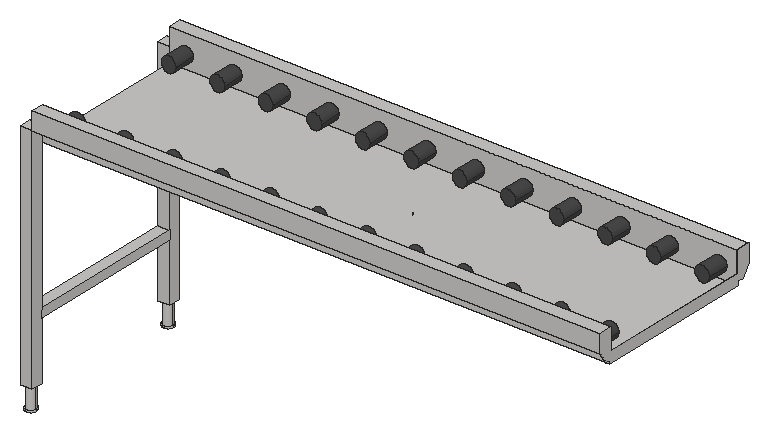
Revit family "QF_ELECTROLUXPROFESSIONAL_863006_HSSRC19", category Specialty Equipment, Revit 2018
Family settings
  Round Connector Dimension = Use Diameter
  Part Type = Normal
  Work Plane-Based = No
  Always vertical = Yes
  Cut with Voids When Loaded = No
  Shared = No
  Room Calculation Point = No
Parameters
  Weight = 0.00 kg
  Watts = 0 W
  Volts = 0 V
  URL Manufacturer = "http://professional.electrolux.com/"
  URL = "http://professional.electrolux.com/"
  Steam Supply Size = 0 mm
  Steam Supply Minimum Pressure = 0.0 Pa
  Steam Supply Maximum Pressure = 0.0 Pa
  Steam Pounds per Hour = 0
  Refrigeration Suction Line Size = 0 mm
  Refrigeration Liquid Line Size = 0 mm
  Refrigerant Compressor Remote = yes
  Manufacturer = "Electrolux"
  Phase = 0
  Model = "HSSRC19"
  Length Actual = 1900 mm  # constant formula
  Item Number = "863006"
  Hot Water Size = 0 mm
  Height Actual = 910 mm  # constant formula
  HP = "0 HP"
  Gas Size = 0 mm
  Gas KW = 0
  Gas Input Pressure = 0 W
  Description = "CONVEYOR, SHORT ROLLERS, L=1900 MM"
  Depth Actual = 620 mm  # constant formula
  Cycle = 0 Hz
  Condensate Return Size = 0 mm
  Compressed Air Volume = 0.0 L/s
  Compressed Air Size = 0 mm
  Compressed Air Pressure = 0.0 Pa
  Cold Water Size = 0 mm
  Accessory = yes
Reference planes
  plane 1 "Centro (Fronte/Retro)": y = 74.737
  plane 2: z = 0
  plane 3 "LEFT": x = -1038.761
  plane 4 "BACK": y = 384.737
  plane 5 "FRONT": y = -235.263
  plane 6: z = 910
  plane 7 "RIGHT": x = 861.239
  plane 8: x = -58.761
Forms (mm)
  Extrusion 1, solid, material "QF_Finishes_Stainless Steel"
    sketch origin (0, 74.737, 0) x (1, 0, 0) y (0, 0, 1)
      loop
        line (-1079.929, 300) -> (-1079.929, 270) -> (-1039.929, 270) -> (-1039.929, 300) -> (-1079.929, 300)
    from -266.504 to 266.46
  Extrusion 2, solid, material "QF_Finishes_Stainless Steel"
    sketch origin (11.239, 0, 0) x (0, 1, 0) y (0, 0, 1)
      loop
        line (-235.263, 910) -> (-235.263, 850.033) -> (-190.242, 850.033) -> (-190.242, 910) -> (-235.263, 910)
      loop
        line (384.737, 910) -> (339.716, 910) -> (339.716, 850.033) -> (384.737, 850.033) -> (384.737, 910)
    from -1050 to 848.8
  Extrusion 3, solid, material "QF_Finishes_Stainless Steel"
    sketch origin (11.239, 0, 0) x (0, 1, 0) y (0, 0, 1)
      loop
        line (-191.727, 850.033) -> (-191.727, 800.081) -> (341.245, 800.081) -> (341.245, 850.033) -> (339.716, 850.033) -> (339.716, 803.081) -> (-190.242, 803.081) -> (-190.242, 850.033) -> (-191.727, 850.033)
    from -1050 to 848.8
  Extrusion 4, solid, material "QF_Finishes_Stainless Steel"
    sketch origin (2361.239, 723.253, 4000) x (0, 1, 0) y (0, 0, 1)
      loop
        line (-958.516, -3090) -> (-958.516, -3149.967) -> (-934.752, -3185.632) -> (-915.4, -3185.632) -> (-915.4, -3199.919) -> (-381.633, -3199.919) -> (-381.633, -3185.632) -> (-362.281, -3185.632) -> (-338.516, -3149.967) -> (-338.516, -3090) -> (-383.538, -3090) -> (-383.538, -3161.926) -> (-913.495, -3161.926) -> (-913.495, -3090) -> (-958.516, -3090)
    from -1500 to -1501.2
  Revolve 5, solid, material "QF_Finishes_Stainless Steel"
    sketch origin (-91.073, 0, 0) x (0, 1, 0) y (0, 0, 1)
      loop
        line (74.737, 800.081) -> (12.53, 800.081) -> (12.319, 797.4) -> (12.319, 785.476) -> (17.293, 785.476) -> (17.293, 781.772)
        arc (17.293, 781.772) -> (20.266, 773.808) -> (27.77, 769.813) r 11.998
        line (27.77, 769.813) -> (74.737, 764.085) -> (74.737, 800.081)
      axis (74.737, 764.085) -> (74.737, 800.081)
    angle from 0 to 360
  Revolve 6, solid, material "QF_Finishes_Stainless Steel"
    sketch origin (-61.073, -1524, 744.096) x (0, 0, 1) y (0, -1, 0)
      loop
        line (13.017, -1619.713) -> (30, -1619.713) -> (30, -1598.737) -> (0, -1598.737) -> (0, -1619.713) -> (2.434, -1622.253) -> (10.477, -1622.253) -> (13.017, -1619.713)
      axis (0, -1598.737) -> (30, -1598.737)
    angle from 0 to 360
  Extrusion 7, solid, material "QF_Finishes_Black"
    sketch origin (0, 74.737, 0) x (1, 0, 0) y (0, 0, 1)
      loop
        circle (-980.637, 850.115) r 25
      loop
        circle (-818.467, 850.115) r 25
      loop
        circle (-656.296, 850.115) r 25
      loop
        circle (-494.125, 850.115) r 25
      loop
        circle (-331.955, 850.115) r 25
      loop
        circle (-169.784, 850.115) r 25
      loop
        circle (-7.614, 850.115) r 25
      loop
        circle (316.727, 850.115) r 25
      loop
        circle (154.557, 850.115) r 25
      loop
        circle (803.239, 850.115) r 25
      loop
        circle (478.898, 850.115) r 25
      loop
        circle (641.068, 850.115) r 25
    from 190.58 to 260.534
  Extrusion 8, solid, material "QF_Finishes_Black"
    sketch origin (0, 74.737, 0) x (1, 0, 0) y (0, 0, -1)
      loop
        circle (-980.637, -850.115) r 25
      loop
        circle (-818.467, -850.115) r 25
      loop
        circle (-656.296, -850.115) r 25
      loop
        circle (-494.125, -850.115) r 25
      loop
        circle (-331.955, -850.115) r 25
      loop
        circle (-169.784, -850.115) r 25
      loop
        circle (-7.614, -850.115) r 25
      loop
        circle (316.727, -850.115) r 25
      loop
        circle (154.557, -850.115) r 25
      loop
        circle (803.239, -850.115) r 25
      loop
        circle (478.898, -850.115) r 25
      loop
        circle (641.068, -850.115) r 25
    from 190.58 to 260.534
Cuts and joins
  joined: Extrusion 2, Extrusion 3
Lines and regions (mm)
  Split face 1
    outline origin (1856.364, 339.716, 803.081) x (-1, 0, 0) y (0, -1, 0)
      loop
        circle (1947, 264.904) r 3.016
  Split face 2
    outline origin (1856.364, 339.716, 803.081) x (-1, 0, 0) y (0, -1, 0)
      loop
        circle (1947, 264.904) r 52.991
  Split face 3
    outline origin (1856.364, 339.716, 803.081) x (-1, 0, 0) y (0, -1, 0)
      loop
        circle (1947, 264.904) r 36.015
  Split face 4
    outline origin (1856.364, 339.716, 803.081) x (-1, 0, 0) y (0, -1, 0)
      loop
        circle (1947, 264.904) r 26.027
  Split face 5
    outline origin (1856.364, 339.716, 803.081) x (-1, 0, 0) y (0, -1, 0)
      loop
        circle (1947, 264.904) r 9.056
  Masking region 1
    outline origin (0, 0, 0) x (1, 0, 0) y (0, 1, 0)
      loop
        line (-1038.761, 384.737) -> (-1038.761, -235.263) -> (861.239, -235.263) -> (861.239, 384.737) -> (-1038.761, 384.737)
  symbolic lines
    curve 1: line (861.239, 384.737, 0) -> (-1038.761, 384.737, 0)
    curve 2: line (-1038.761, 384.737, 0) -> (-1038.761, -235.263, 0)
    curve 3: line (-1038.761, 339.716, 0) -> (861.239, 339.716, 0)
    curve 4: line (-1038.761, -235.263, 0) -> (861.239, -235.263, 0)
    curve 5: line (861.239, -235.263, 0) -> (861.239, 384.737, 0)
    curve 6: line (861.239, -190.242, 0) -> (-1038.761, -190.242, 0)
    curve 7: line (861.239, 74.737, 0) -> (831.239, 74.737, 0)
    curve 8: line (-1038.761, 74.737, 0) -> (-1008.761, 74.737, 0)
    curve 9: arc (-91.185, 12.319, 0) -> (-153.604, 74.737, 0) -> (-91.185, 137.156, 0) r 62.418
    curve 10: arc (-91.185, 137.156, 0) -> (-28.767, 74.737, 0) -> (-91.185, 12.319, 0) r 62.418
    curve 11: arc (-61.185, 95.713, 0) -> (-82.162, 74.737, 0) -> (-61.185, 53.761, 0) r 20.976
    curve 12: arc (-61.185, 53.761, 0) -> (-40.209, 74.737, 0) -> (-61.185, 95.713, 0) r 20.976
    curve 13: line (-955.637, -115.842, 0) -> (-1005.637, -115.842, 0)
    curve 14: line (-1005.637, -115.842, 0) -> (-1005.637, -185.797, 0)
    curve 15: line (-1005.637, -185.797, 0) -> (-955.637, -185.797, 0)
    curve 16: line (-955.637, -185.797, 0) -> (-955.637, -115.842, 0)
    curve 17: line (503.898, -115.842, 0) -> (453.898, -115.842, 0)
    curve 18: line (453.898, -115.842, 0) -> (453.898, -185.797, 0)
    curve 19: line (453.898, -185.797, 0) -> (503.898, -185.797, 0)
    curve 20: line (503.898, -185.797, 0) -> (503.898, -115.842, 0)
    curve 21: line (-843.467, -115.842, 0) -> (-793.467, -115.842, 0)
    curve 22: line (-793.467, -115.842, 0) -> (-793.467, -185.797, 0)
    curve 23: line (-793.467, -185.797, 0) -> (-843.467, -185.797, 0)
    curve 24: line (-843.467, -185.797, 0) -> (-843.467, -115.842, 0)
    curve 25: line (-631.296, -115.842, 0) -> (-681.296, -115.842, 0)
    curve 26: line (-681.296, -115.842, 0) -> (-681.296, -185.797, 0)
    curve 27: line (-681.296, -185.797, 0) -> (-631.296, -185.797, 0)
    curve 28: line (-631.296, -185.797, 0) -> (-631.296, -115.842, 0)
    curve 29: line (-469.125, -115.842, 0) -> (-519.125, -115.842, 0)
    curve 30: line (-519.125, -115.842, 0) -> (-519.125, -185.797, 0)
    curve 31: line (-519.125, -185.797, 0) -> (-469.125, -185.797, 0)
    curve 32: line (-469.125, -185.797, 0) -> (-469.125, -115.842, 0)
    curve 33: line (-306.955, -115.842, 0) -> (-356.955, -115.842, 0)
    curve 34: line (-356.955, -115.842, 0) -> (-356.955, -185.797, 0)
    curve 35: line (-356.955, -185.797, 0) -> (-306.955, -185.797, 0)
    curve 36: line (-306.955, -185.797, 0) -> (-306.955, -115.842, 0)
    curve 37: line (-144.784, -115.842, 0) -> (-194.784, -115.842, 0)
    curve 38: line (-194.784, -115.842, 0) -> (-194.784, -185.797, 0)
    curve 39: line (-194.784, -185.797, 0) -> (-144.784, -185.797, 0)
    curve 40: line (-144.784, -185.797, 0) -> (-144.784, -115.842, 0)
    curve 41: line (17.386, -115.842, 0) -> (-32.614, -115.842, 0)
    curve 42: line (-32.614, -115.842, 0) -> (-32.614, -185.797, 0)
    curve 43: line (-32.614, -185.797, 0) -> (17.386, -185.797, 0)
    curve 44: line (17.386, -185.797, 0) -> (17.386, -115.842, 0)
    curve 45: line (179.557, -115.842, 0) -> (129.557, -115.842, 0)
    curve 46: line (129.557, -115.842, 0) -> (129.557, -185.797, 0)
    curve 47: line (129.557, -185.797, 0) -> (179.557, -185.797, 0)
    curve 48: line (179.557, -185.797, 0) -> (179.557, -115.842, 0)
    curve 49: line (341.727, -115.842, 0) -> (291.727, -115.842, 0)
    curve 50: line (291.727, -115.842, 0) -> (291.727, -185.797, 0)
    curve 51: line (291.727, -185.797, 0) -> (341.727, -185.797, 0)
    curve 52: line (341.727, -185.797, 0) -> (341.727, -115.842, 0)
    curve 53: line (828.239, -115.842, 0) -> (778.239, -115.842, 0)
    curve 54: line (778.239, -115.842, 0) -> (778.239, -185.797, 0)
    curve 55: line (778.239, -185.797, 0) -> (828.239, -185.797, 0)
    curve 56: line (828.239, -185.797, 0) -> (828.239, -115.842, 0)
    curve 57: line (666.068, -115.842, 0) -> (616.068, -115.842, 0)
    curve 58: line (616.068, -115.842, 0) -> (616.068, -185.797, 0)
    curve 59: line (616.068, -185.797, 0) -> (666.068, -185.797, 0)
    curve 60: line (666.068, -185.797, 0) -> (666.068, -115.842, 0)
    curve 61: line (-955.637, 265.317, 0) -> (-1005.637, 265.317, 0)
    curve 62: line (-1005.637, 265.317, 0) -> (-1005.637, 335.271, 0)
    curve 63: line (-1005.637, 335.271, 0) -> (-955.637, 335.271, 0)
    curve 64: line (-955.637, 335.271, 0) -> (-955.637, 265.317, 0)
    curve 65: line (503.898, 265.317, 0) -> (453.898, 265.317, 0)
    curve 66: line (453.898, 265.317, 0) -> (453.898, 335.271, 0)
    curve 67: line (453.898, 335.271, 0) -> (503.898, 335.271, 0)
    curve 68: line (503.898, 335.271, 0) -> (503.898, 265.317, 0)
    curve 69: line (-843.467, 265.317, 0) -> (-793.467, 265.317, 0)
    curve 70: line (-793.467, 265.317, 0) -> (-793.467, 335.271, 0)
    curve 71: line (-793.467, 335.271, 0) -> (-843.467, 335.271, 0)
    curve 72: line (-843.467, 335.271, 0) -> (-843.467, 265.317, 0)
    curve 73: line (-631.296, 265.317, 0) -> (-681.296, 265.317, 0)
    curve 74: line (-681.296, 265.317, 0) -> (-681.296, 335.271, 0)
    curve 75: line (-681.296, 335.271, 0) -> (-631.296, 335.271, 0)
    curve 76: line (-631.296, 335.271, 0) -> (-631.296, 265.317, 0)
    curve 77: line (-469.125, 265.317, 0) -> (-519.125, 265.317, 0)
    curve 78: line (-519.125, 265.317, 0) -> (-519.125, 335.271, 0)
    curve 79: line (-519.125, 335.271, 0) -> (-469.125, 335.271, 0)
    curve 80: line (-469.125, 335.271, 0) -> (-469.125, 265.317, 0)
    curve 81: line (-306.955, 265.317, 0) -> (-356.955, 265.317, 0)
    curve 82: line (-356.955, 265.317, 0) -> (-356.955, 335.271, 0)
    curve 83: line (-356.955, 335.271, 0) -> (-306.955, 335.271, 0)
    curve 84: line (-306.955, 335.271, 0) -> (-306.955, 265.317, 0)
    curve 85: line (-144.784, 265.317, 0) -> (-194.784, 265.317, 0)
    curve 86: line (-194.784, 265.317, 0) -> (-194.784, 335.271, 0)
    curve 87: line (-194.784, 335.271, 0) -> (-144.784, 335.271, 0)
    curve 88: line (-144.784, 335.271, 0) -> (-144.784, 265.317, 0)
    curve 89: line (17.386, 265.317, 0) -> (-32.614, 265.317, 0)
    curve 90: line (-32.614, 265.317, 0) -> (-32.614, 335.271, 0)
    curve 91: line (-32.614, 335.271, 0) -> (17.386, 335.271, 0)
    curve 92: line (17.386, 335.271, 0) -> (17.386, 265.317, 0)
    curve 93: line (179.557, 265.317, 0) -> (129.557, 265.317, 0)
    curve 94: line (129.557, 265.317, 0) -> (129.557, 335.271, 0)
    curve 95: line (129.557, 335.271, 0) -> (179.557, 335.271, 0)
    curve 96: line (179.557, 335.271, 0) -> (179.557, 265.317, 0)
    curve 97: line (341.727, 265.317, 0) -> (291.727, 265.317, 0)
    curve 98: line (291.727, 265.317, 0) -> (291.727, 335.271, 0)
    curve 99: line (291.727, 335.271, 0) -> (341.727, 335.271, 0)
    curve 100: line (341.727, 335.271, 0) -> (341.727, 265.317, 0)
    curve 101: line (828.239, 265.317, 0) -> (778.239, 265.317, 0)
    curve 102: line (778.239, 265.317, 0) -> (778.239, 335.271, 0)
    curve 103: line (778.239, 335.271, 0) -> (828.239, 335.271, 0)
    curve 104: line (828.239, 335.271, 0) -> (828.239, 265.317, 0)
    curve 105: line (666.068, 265.317, 0) -> (616.068, 265.317, 0)
    curve 106: line (616.068, 265.317, 0) -> (616.068, 335.271, 0)
    curve 107: line (616.068, 335.271, 0) -> (666.068, 335.271, 0)
    curve 108: line (666.068, 335.271, 0) -> (666.068, 265.317, 0)
Dimensions and locks
  plane 3 "LEFT" to plane 7 "RIGHT" = 1900 mm
  equal spacing: plane 4 "BACK", plane 1 "Centro (Fronte/Retro)", plane 5 "FRONT"
  plane 4 "BACK" to plane 5 "FRONT" = 620 mm
  locked: Extrusion 7 sketch curve to plane 3 "LEFT" at 58.124
  locked: plane 7 "RIGHT" to Extrusion 7 sketch curve at 58
  aligned and locked: level to plane 2
  aligned and locked: Extrusion 2 to Extrusion 3
Automatic sketch dimensions
  curve 9 to curve 10 = 0 mm  (x2)
  curve 11 to curve 12 = 0 mm  (x2)
  curve 1 to plane 3 "LEFT" = 0 mm
  plane 1 "Centro (Fronte/Retro)" to curve 8 = 0 mm
  plane 1 "Centro (Fronte/Retro)" to curve 10 = 0 mm
  plane 1 "Centro (Fronte/Retro)" to curve 11 = 0 mm
  plane 1 "Centro (Fronte/Retro)" to curve 7 = 0 mm
  curve 6 to plane 7 "RIGHT" = 0 mm
  curve 4 to plane 5 "FRONT" = 0 mm
  curve 2 to plane 4 "BACK" = 0 mm
  plane 3 "LEFT" to curve 15 = 33.124 mm
  plane 3 "LEFT" to curve 61 = 33.124 mm
  curve 61 to curve 64 = 50 mm
  curve 13 to curve 13 = 50 mm
  curve 72 to plane 4 "BACK" = 49.466 mm
  curve 63 to curve 72 = 112.171 mm
  curve 13 to curve 24 = 112.171 mm
  curve 71 to curve 71 = 50 mm
  curve 23 to curve 23 = 50 mm
  plane 5 "FRONT" to curve 27 = 49.466 mm
  curve 22 to curve 27 = 112.171 mm
  curve 69 to curve 73 = 112.171 mm
  curve 26 to curve 27 = 50 mm
  curve 74 to curve 75 = 50 mm
  curve 79 to plane 4 "BACK" = 49.466 mm
  curve 75 to curve 79 = 112.171 mm
  plane 5 "FRONT" to curve 31 = 49.466 mm
  curve 27 to curve 31 = 112.171 mm
  curve 77 to curve 77 = 50 mm
  curve 30 to curve 31 = 50 mm
  plane 5 "FRONT" to curve 35 = 49.466 mm
  curve 31 to curve 35 = 112.171 mm
  curve 82 to plane 4 "BACK" = 49.466 mm
  curve 79 to curve 82 = 112.171 mm
  curve 33 to curve 36 = 50 mm
  curve 81 to curve 81 = 50 mm
  curve 33 to curve 37 = 112.171 mm
  curve 86 to plane 4 "BACK" = 49.466 mm
  curve 83 to curve 86 = 112.171 mm
  curve 37 to curve 37 = 50 mm
  curve 85 to curve 85 = 50 mm
  curve 10 to plane 8 = 32.424 mm
  curve 11 to plane 8 = 2.424 mm
  plane 8 to curve 90 = 26.147 mm
  plane 8 to curve 42 = 26.147 mm
  curve 42 to curve 44 = 50 mm
  curve 89 to curve 89 = 50 mm
  curve 41 to curve 46 = 112.171 mm
  curve 95 to plane 4 "BACK" = 49.466 mm
  curve 91 to curve 95 = 112.171 mm
  curve 45 to curve 45 = 50 mm
  curve 94 to curve 95 = 50 mm
  curve 45 to curve 49 = 112.171 mm
  curve 93 to curve 98 = 112.171 mm
  curve 97 to curve 97 = 50 mm
  curve 49 to curve 52 = 50 mm
  curve 97 to curve 65 = 112.171 mm
  plane 5 "FRONT" to curve 18 = 49.466 mm
  curve 51 to curve 18 = 112.171 mm
  curve 66 to curve 67 = 50 mm
  curve 18 to curve 19 = 50 mm
  curve 17 to curve 57 = 112.171 mm
  curve 107 to plane 4 "BACK" = 49.466 mm
  curve 67 to curve 107 = 112.171 mm
  curve 105 to curve 108 = 50 mm
  curve 57 to curve 57 = 50 mm
  curve 53 to plane 7 "RIGHT" = 83 mm
  curve 102 to plane 7 "RIGHT" = 83 mm
  curve 56 to plane 7 "RIGHT" = 33 mm
  curve 103 to plane 7 "RIGHT" = 33 mm
  plane 5 "FRONT" to curve 59 = 49.466 mm
  plane 5 "FRONT" to curve 47 = 49.466 mm
  plane 5 "FRONT" to curve 23 = 49.466 mm
  plane 5 "FRONT" to curve 44 = 49.466 mm
  plane 5 "FRONT" to curve 56 = 49.466 mm
  plane 5 "FRONT" to curve 52 = 49.466 mm
  plane 5 "FRONT" to curve 40 = 49.466 mm
  plane 5 "FRONT" to curve 14 = 49.466 mm
  curve 26 to curve 26 = 69.954 mm
  curve 23 to curve 24 = 69.954 mm
  curve 31 to curve 29 = 69.954 mm
  curve 19 to curve 20 = 69.954 mm
  curve 35 to curve 33 = 69.954 mm
  curve 15 to curve 16 = 69.954 mm
  curve 39 to curve 37 = 69.954 mm
  curve 50 to curve 49 = 69.954 mm
  curve 43 to curve 41 = 69.954 mm
  curve 55 to curve 53 = 69.954 mm
  curve 47 to curve 45 = 69.954 mm
  curve 59 to curve 57 = 69.954 mm
  curve 108 to curve 107 = 69.954 mm
  curve 104 to plane 4 "BACK" = 119.42 mm
  curve 61 to plane 4 "BACK" = 119.42 mm
  curve 100 to plane 4 "BACK" = 119.42 mm
  curve 65 to curve 105 = 0 mm
  curve 96 to curve 95 = 69.954 mm
  curve 69 to curve 71 = 69.954 mm
  curve 92 to curve 93 = 0 mm
  curve 73 to plane 4 "BACK" = 119.42 mm
  curve 88 to curve 87 = 69.954 mm
  curve 77 to curve 79 = 69.954 mm
  curve 84 to curve 83 = 69.954 mm
  curve 76 to plane 4 "BACK" = 49.466 mm
  curve 90 to plane 4 "BACK" = 49.466 mm
  curve 68 to plane 4 "BACK" = 49.466 mm
  curve 64 to plane 4 "BACK" = 49.466 mm
  curve 98 to plane 4 "BACK" = 49.466 mm
  curve 102 to plane 4 "BACK" = 49.466 mm
  curve 8 to curve 8 = 30 mm
  curve 7 to plane 7 "RIGHT" = 30 mm
  curve 6 to curve 55 = 4.445 mm
  curve 9 to curve 9 = 62.418 mm
  curve 11 to curve 11 = 20.976 mm
  curve 62 to curve 3 = 4.445 mm
  Extrusion 1 sketch curve to plane 3 "LEFT" = 41.168 mm
  Extrusion 1 sketch curve to plane 3 "LEFT" = 1.168 mm
  level to Extrusion 1 sketch curve = 270 mm
  Extrusion 1 sketch curve to Extrusion 1 sketch curve = 30 mm
  Extrusion 2 sketch curve to plane 5 "FRONT" = 0 mm
  Extrusion 2 sketch curve to plane 6 = 0 mm  (x2)
  Extrusion 2 sketch curve to plane 4 "BACK" = 0 mm
  plane 5 "FRONT" to Extrusion 2 sketch curve = 45.021 mm
  Extrusion 2 sketch curve to plane 4 "BACK" = 45.021 mm
  Extrusion 2 sketch curve to Extrusion 2 sketch curve = 59.967 mm  (x2)
  plane 5 "FRONT" to Extrusion 3 sketch curve = 43.536 mm
  Extrusion 3 sketch curve to Extrusion 3 sketch curve = 1.486 mm
  Extrusion 3 sketch curve to plane 4 "BACK" = 45.021 mm
  Extrusion 3 sketch curve to Extrusion 3 sketch curve = 1.529 mm
  Extrusion 3 sketch curve to plane 6 = 109.919 mm
  Extrusion 3 sketch curve to Extrusion 3 sketch curve = 3 mm
  Extrusion 3 sketch curve to Extrusion 3 sketch curve = 46.952 mm  (x2)
  cut or joined group of Extrusion 2, Extrusion 3 to Split face 1 sketch curve = 264.904 mm
  Split face 1 sketch curve to cut or joined group of Extrusion 2, Extrusion 3 = 948.125 mm
  cut or joined group of Extrusion 2, Extrusion 3 to Split face 2 sketch curve = 264.904 mm
  Split face 2 sketch curve to cut or joined group of Extrusion 2, Extrusion 3 = 948.125 mm
  cut or joined group of Extrusion 2, Extrusion 3 to Split face 3 sketch curve = 264.904 mm
  Split face 3 sketch curve to cut or joined group of Extrusion 2, Extrusion 3 = 948.125 mm
  cut or joined group of Extrusion 2, Extrusion 3 to Split face 4 sketch curve = 264.904 mm
  Split face 4 sketch curve to cut or joined group of Extrusion 2, Extrusion 3 = 948.125 mm
  cut or joined group of Extrusion 2, Extrusion 3 to Split face 5 sketch curve = 264.904 mm
  Split face 5 sketch curve to cut or joined group of Extrusion 2, Extrusion 3 = 948.125 mm
  Masking region 1 sketch curve to plane 3 "LEFT" = 0 mm
  Masking region 1 sketch curve to plane 5 "FRONT" = 0 mm
  Masking region 1 sketch curve to plane 7 "RIGHT" = 0 mm
  Masking region 1 sketch curve to plane 4 "BACK" = 0 mm
  Extrusion 4 sketch curve to plane 5 "FRONT" = 0 mm
  Extrusion 4 sketch curve to plane 6 = 0 mm  (x2)
  Extrusion 4 sketch curve to plane 4 "BACK" = 0 mm
  plane 5 "FRONT" to Extrusion 4 sketch curve = 23.764 mm
  Extrusion 4 sketch curve to Extrusion 4 sketch curve = 19.352 mm  (x2)
  plane 5 "FRONT" to Extrusion 4 sketch curve = 45.021 mm
  Extrusion 4 sketch curve to plane 4 "BACK" = 45.021 mm
  Extrusion 4 sketch curve to Extrusion 4 sketch curve = 1.905 mm
  Extrusion 4 sketch curve to Extrusion 4 sketch curve = 59.967 mm  (x2)
  Extrusion 4 sketch curve to Extrusion 4 sketch curve = 11.959 mm
  Extrusion 4 sketch curve to Extrusion 4 sketch curve = 23.706 mm  (x2)
  Extrusion 4 sketch curve to Extrusion 4 sketch curve = 14.287 mm
  Revolve 5 sketch curve to plane 1 "Centro (Fronte/Retro)" = 0 mm  (x2)
  plane 1 "Centro (Fronte/Retro)" to Revolve 5 sketch curve = 45.447 mm
  Revolve 5 sketch curve to Revolve 5 sketch curve = 1.52 mm
  Revolve 5 sketch curve to Revolve 5 sketch curve = 11.998 mm
  Revolve 5 sketch curve to Revolve 5 sketch curve = 4.762 mm
  Revolve 5 sketch curve to Revolve 5 sketch curve = 4.974 mm
  Revolve 5 sketch curve to plane 6 = 145.915 mm
  Revolve 5 sketch curve to Revolve 5 sketch curve = 5.727 mm
  Revolve 5 sketch curve to Revolve 5 sketch curve = 11.901 mm
  Revolve 5 sketch curve to Revolve 5 sketch curve = 3.704 mm
  Revolve 5 sketch curve to Revolve 5 sketch curve = 11.924 mm
  Revolve 5 sketch curve to Revolve 5 sketch curve = 2.681 mm
  Revolve 5 sketch curve to Revolve 5 sketch curve = 3 mm
  Revolve 5 sketch curve to Revolve 5 sketch curve = 14.991 mm
  Revolve 6 sketch curve to plane 1 "Centro (Fronte/Retro)" = 0 mm  (x2)
  Revolve 6 sketch curve to plane 1 "Centro (Fronte/Retro)" = 20.976 mm
  Revolve 6 sketch curve to plane 6 = 165.904 mm
  Revolve 6 sketch curve to plane 1 "Centro (Fronte/Retro)" = 23.516 mm
  Revolve 6 sketch curve to Revolve 6 sketch curve = 2.434 mm
  Revolve 6 sketch curve to Revolve 6 sketch curve = 8.043 mm
  Revolve 6 sketch curve to Revolve 6 sketch curve = 2.54 mm  (x2)
  Revolve 6 sketch curve to Revolve 6 sketch curve = 16.983 mm
  Revolve 6 sketch curve to Revolve 6 sketch curve = 3.127 mm
  Revolve 6 sketch curve to Revolve 6 sketch curve = 7.343 mm
  Extrusion 7 sketch curve to plane 6 = 59.885 mm  (x12)
  Extrusion 7 sketch curve to Extrusion 7 sketch curve = 162.171 mm  (x8)
  Extrusion 7 sketch curve to plane 8 = 111.023 mm
  plane 8 to Extrusion 7 sketch curve = 51.147 mm
  plane 3 "LEFT" to Extrusion 8 sketch curve = 58.124 mm
  Extrusion 8 sketch curve to plane 6 = 59.885 mm  (x12)
  Extrusion 8 sketch curve to Extrusion 8 sketch curve = 162.171 mm  (x8)
  Extrusion 8 sketch curve to plane 8 = 111.023 mm
  plane 8 to Extrusion 8 sketch curve = 51.147 mm
  Extrusion 8 sketch curve to plane 7 "RIGHT" = 58 mm
  radius of Split face 1 sketch curve = 3.016 mm
  radius of Split face 2 sketch curve = 52.991 mm
  radius of Split face 3 sketch curve = 36.015 mm
  radius of Split face 4 sketch curve = 26.027 mm
  radius of Split face 5 sketch curve = 9.056 mm
  radius of Extrusion 7 sketch curve = 25 mm  (x12)
  radius of Extrusion 8 sketch curve = 25 mm  (x12)
Nested families
  nested 1: "Foot_40x40" at (-1059.929, -211.771, 0), type "Foot_40x40"
    with A 850.033 mm
  nested 2: "Foot_40x40" at (-1059.929, 361.245, 0), type "Foot_40x40"
    with A 850.033 mm
Connectors
  piping at (-61.073, 74.737, 744.096), diameter 30
    settings: on Revolve 6, index 5, connector inside diameter 609.6 mm, connector length 0 mm, flow factor 0, pipe flow 0.0 L/s, pressure drop 0.0 Pa, fitting loss kfactor 0, connector angle 0.00°, fixture units 0, engagement length 0 mm, angle of deflection 0.00°, flow configuration 1, flow direction 2, fitting loss method 0, system type 16, joint type 0, gender type 0, connector reference index -1, connector utility 0, adjustable connector no, is connector primary yes, connector description ""
Definition of nested family "Foot_40x40"
  Parameters
    A [instance] = 850 mm
  Reference planes
    plane 1 "Centro (Fronte/Retro)": y = 0
    plane 2: z = 0
    plane 3 "Centro (Sinistra/Destra)": x = 0
    plane 4: z = 850
  Forms (mm)
    Extrusion 1, solid
      sketch origin (0, 0, 0) x (1, 0, 0) y (0, 1, 0)
        loop
          circle (0, 0) r 18
      from 0 to 5
    Extrusion 2, solid
      sketch origin (0, 0, 5) x (1, 0, 0) y (0, 1, 0)
        loop
          circle (0, 0) r 15
      from 0 to 70
    Extrusion 3, solid
      sketch origin (0, 0, 75) x (1, 0, 0) y (0, 1, 0)
        loop
          line (-20, 20) -> (-20, -20) -> (20, -20) -> (20, 20) -> (-20, 20)
      from 0 to 775
  Dimensions and locks
    "A": plane 4 to plane 2
    aligned and locked: level to plane 2
    aligned and locked: plane 4 to Extrusion 3
    aligned and locked: Extrusion 1 to level
  Automatic sketch dimensions
    plane 1 "Centro (Fronte/Retro)" to Extrusion 1 sketch curve = 0 mm
    Extrusion 1 sketch curve to plane 3 "Centro (Sinistra/Destra)" = 0 mm
    Extrusion 3 sketch curve to Extrusion 3 sketch curve = 40 mm  (x2)
    radius of Extrusion 1 sketch curve = 18 mm
    radius of Extrusion 2 sketch curve to Extrusion 1 = 3 mm
